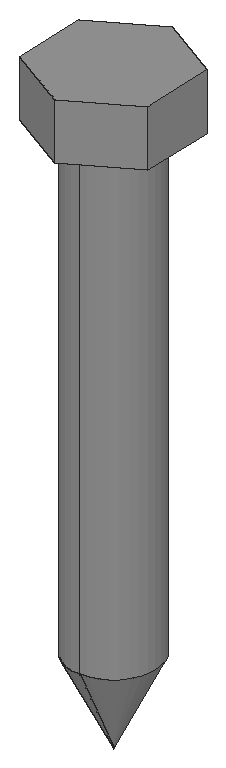
Revit family "060523 - W_P_C - Fastenings - Generic - Lag Bolt or Thru Bolt", category Structural Connections, Revit 2020
Family settings
  Material for Model Behavior = Other
  Work Plane-Based = Yes
  Enable cutting in views = Yes
  Always vertical = No
  Cut with Voids When Loaded = No
  Shared = No
Parameters (values of type "3/8 - at steel angle")
  Washer_Thickness = Head Height / 3  # 0' - 0.08333"
  Washer Radius = Radius + Head Height  # 0' - 0 7/16"
  Washer Offset - Head = if(Washer_Head_Visibility, Washer_Thickness, 0' 0")  # 0' - 0.08333"
  Washer Offset = if(Washer_Nut_Visibility, Washer_Thickness, 0' 0")  # 0' - 0.08333"
  Washer Material = none
  Washer_Nut_Visibility = no
  Washer_Head_Visibility = no
  Thickness_of_Substrate [instance] = 0' - 1"
  Side = Head Size * 0.57812  # 0' - 0.3252"
  Round_Head_Visibility = no
  Radius = Diameter / 2  # 0' - 0 3/16"
  Point Visibility = yes
  Nut_Visibility = no
  Length [instance] = 0' - 2"
  Hex_Head_Visiblilty = yes
  Head Size = 0' - 0 9/16"
  Head Radius = Head Size / 2  # 0' - 0 9/32"
  Head Height = 0' - 0 1/4"
  Double Diameter = Diameter * 2  # 0' - 0 3/4"
  Diameter = 0' - 0 3/8"
  Default Elevation = 4' - 0"
  Bolt Material (Size) = 3/8" x 3" LAGS AT 19.2" O.C.
Types (34): name | Washer_Thickness | Washer Radius | Washer Offset - Head | Washer Offset | Washer_Nut_Visibility | Washer_Head_Visibility | Side | Round_Head_Visibility | Radius | Point Visibility | Nut_Visibility | Length | Hex_Head_Visiblilty | Head Size | Head Radius | Head Height | Double Diameter | Diameter | Bolt Material (Size)
  2 1/2 | 0' - 0.56933" | 0' - 2.9875" | 0' - 0.56933" | 0' - 0.56933" | yes | yes | 0' - 2 43/256" | yes | 0' - 1.2795" | yes | yes | 0' - 2" | yes | 0' - 3 3/4" | 0' - 1 7/8" | 0' - 1.708" | 0' - 5.118" | 0' - 2.559" | RIVETS
  2 1/4 | 0' - 0.516" | 0' - 2.7005" | 0' - 0.516" | 0' - 0.516" | yes | yes | 0' - 1.95117" | yes | 0' - 1.1525" | yes | yes | 0' - 2" | yes | 0' - 3 3/8" | 0' - 1 11/16" | 0' - 1.548" | 0' - 4.61" | 0' - 2.305" | RIVETS
  2 | 0' - 0.46267" | 0' - 2.4075" | 0' - 0.46267" | 0' - 0.46267" | yes | yes | 0' - 1 47/64" | yes | 0' - 1.0195" | yes | yes | 0' - 2" | yes | 0' - 3" | 0' - 1 1/2" | 0' - 1.388" | 0' - 4.078" | 0' - 2.039" | RIVETS
  1 7/8 | 0' - 0.42533" | 0' - 2.232" | 0' - 0.42533" | 0' - 0.42533" | yes | yes | 0' - 1.62569" | yes | 0' - 0.956" | yes | yes | 0' - 2" | yes | 0' - 2.812" | 0' - 1.406" | 0' - 1.276" | 0' - 3.824" | 0' - 1.912" | RIVETS
  1 3/4 | 0' - 0.39867" | 0' - 2.0885" | 0' - 0.39867" | 0' - 0.39867" | yes | yes | 0' - 1.51758" | yes | 0' - 0.8925" | yes | yes | 0' - 2" | yes | 0' - 2 5/8" | 0' - 1 5/16" | 0' - 1.196" | 0' - 3.57" | 0' - 1.785" | RIVETS
  1 5/8 | 0' - 0.372" | 0' - 1.945" | 0' - 0.372" | 0' - 0.372" | yes | yes | 0' - 1.40947" | yes | 0' - 0.829" | yes | yes | 0' - 2" | yes | 0' - 2.438" | 0' - 1.219" | 0' - 1.116" | 0' - 3.316" | 0' - 1.658" | RIVETS
  1 1/2 | 0' - 0.34533" | 0' - 1.8015" | 0' - 0.34533" | 0' - 0.34533" | yes | yes | 0' - 1 77/256" | yes | 0' - 0.7655" | yes | yes | 0' - 2" | yes | 0' - 2 1/4" | 0' - 1 1/8" | 0' - 1.036" | 0' - 3.062" | 0' - 1.531" | RIVETS
  1 3/8 | 0' - 0.31333" | 0' - 1.642" | 0' - 0.31333" | 0' - 0.31333" | yes | yes | 0' - 1.19209" | yes | 0' - 0.702" | yes | yes | 0' - 2" | yes | 0' - 2.062" | 0' - 1.031" | 0' - 0.94" | 0' - 2.808" | 0' - 1.404" | RIVETS
  1 1/4 | 0' - 0.292" | 0' - 1.5145" | 0' - 0.292" | 0' - 0.292" | yes | yes | 0' - 1.08398" | yes | 0' - 0.6385" | yes | yes | 0' - 2" | yes | 0' - 1 7/8" | 0' - 0 15/16" | 0' - 0.876" | 0' - 2.554" | 0' - 1.277" | RIVETS
  1 1/8 | 0' - 0.26" | 0' - 1.3545" | 0' - 0.26" | 0' - 0.26" | yes | yes | 0' - 0.97588" | yes | 0' - 0.5745" | yes | yes | 0' - 2" | yes | 0' - 1.688" | 0' - 0.844" | 0' - 0.78" | 0' - 2.298" | 0' - 1.149" | RIVETS
  1 | 0' - 0.23333" | 0' - 1.211" | 0' - 0.23333" | 0' - 0.23333" | yes | yes | 0' - 0 111/128" | yes | 0' - 0.511" | yes | yes | 0' - 2" | yes | 0' - 1 1/2" | 0' - 0 3/4" | 0' - 0.7" | 0' - 2.044" | 0' - 1.022" | RIVETS
  7/8 | 0' - 0.20133" | 0' - 1.0515" | 0' - 0.20133" | 0' - 0.20133" | yes | yes | 0' - 0.7585" | yes | 0' - 0.4475" | yes | yes | 0' - 2" | yes | 0' - 1.312" | 0' - 0.656" | 0' - 0.604" | 0' - 1.79" | 0' - 0.895" | RIVETS
  3/4 | 0' - 0.17467" | 0' - 0.908" | 0' - 0.17467" | 0' - 0.17467" | yes | yes | 0' - 0.65039" | yes | 0' - 0.384" | yes | yes | 0' - 2" | yes | 0' - 1 1/8" | 0' - 0 9/16" | 0' - 0.524" | 0' - 1.536" | 0' - 0.768" | RIVETS
  5/8 | 0' - 0.148" | 0' - 0.765" | 0' - 0.148" | 0' - 0.148" | yes | yes | 0' - 0.54228" | yes | 0' - 0.321" | yes | yes | 0' - 2" | yes | 0' - 0.938" | 0' - 0.469" | 0' - 0.444" | 0' - 1.284" | 0' - 0.642" | RIVETS
  1/2 | 0' - 0.12133" | 0' - 0.6215" | 0' - 0.12133" | 0' - 0.12133" | yes | yes | 0' - 0 111/256" | yes | 0' - 0.2575" | yes | yes | 0' - 2" | yes | 0' - 0 3/4" | 0' - 0 3/8" | 0' - 0.364" | 0' - 1.03" | 0' - 0.515" | RIVETS
  poly bolts | 0' - 0.22396" | 0' - 0 55/64" | 0' - 0.22396" | 0' - 0.22396" | yes | yes | 0' - 0 111/128" | yes | 0' - 0 3/16" | yes | yes | 0' - 6" | yes | 0' - 1 1/2" | 0' - 0 3/4" | 0' - 0 43/64" | 0' - 0 3/4" | 0' - 0 3/8" | 5/8" GALV. ANCHOR BOLT @ 24" O.C. (11" MIN. EMBEDMENT)
  1" | 0' - 0.22396" | 0' - 1 3/64" | 0' - 0.22396" | 0' - 0.22396" | yes | yes | 0' - 0 111/128" | yes | 0' - 0 3/8" | yes | yes | 0' - 6" | yes | 0' - 1 1/2" | 0' - 0 3/4" | 0' - 0 43/64" | 0' - 1 1/2" | 0' - 0 3/4" | 5/8" GALV. ANCHOR BOLT @ 24" O.C. (11" MIN. EMBEDMENT)
  1" Light Pole Anchor Bolt | 0' - 0.22396" | 0' - 1 11/64" | 0' - 0.22396" | 0' - 0.22396" | yes | yes | 0' - 0 111/128" | yes | 0' - 0 1/2" | no | yes | 4' - 0" | yes | 0' - 1 1/2" | 0' - 0 3/4" | 0' - 0 43/64" | 0' - 2" | 0' - 1" | 5/8" GALV. ANCHOR BOLT @ 24" O.C. (6" MIN. EMBEDMENT)
  1/4 | 0' - 0.05729" | 0' - 0 19/64" | 0' - 0.05729" | 0' - 0.05729" | yes | yes | 0' - 0.25293" | yes | 0' - 0 1/8" | yes | yes | 0' - 2" | yes | 0' - 0 7/16" | 0' - 0 7/32" | 0' - 0 11/64" | 0' - 0 1/2" | 0' - 0 1/4" | RIVETS
  5/16 | 0' - 0.07292" | 0' - 0 3/8" | 0' - 0.07292" | 0' - 0.07292" | yes | yes | 0' - 0 37/128" | yes | 0' - 0 5/32" | yes | yes | 0' - 2" | yes | 0' - 0 1/2" | 0' - 0 1/4" | 0' - 0 7/32" | 0' - 0 5/8" | 0' - 0 5/16" | RIVETS
  3/8 | 0' - 0.08333" | 0' - 0 7/16" | 0' - 0.08333" | 0' - 0.08333" | yes | yes | 0' - 0.3252" | yes | 0' - 0 3/16" | yes | yes | 0' - 2" | yes | 0' - 0 9/16" | 0' - 0 9/32" | 0' - 0 1/4" | 0' - 0 3/4" | 0' - 0 3/8" | RIVETS
  7/16_not common | 0' - 0.09896" | 0' - 0 33/64" | 0' - 0.09896" | 0' - 0.09896" | yes | yes | 0' - 0.36133" | yes | 0' - 0 7/32" | yes | yes | 0' - 2" | yes | 0' - 0 5/8" | 0' - 0 5/16" | 0' - 0 19/64" | 0' - 0 7/8" | 0' - 0 7/16" | RIVETS
  Polycarbaonte | 0' - 0.05729" | 0' - 0 19/64" | 0' - 0.05729" | 0' - 0.05729" | yes | yes | 0' - 0.25293" | yes | 0' - 0 1/8" | yes | yes | 0' - 2" | no | 0' - 0 7/16" | 0' - 0 7/32" | 0' - 0 11/64" | 0' - 0 1/2" | 0' - 0 1/4" | RIVETS
  RIVET AT POLY | 0' - 0.05729" | 0' - 0 15/64" | 0' - 0.05729" | 0' - 0.08333" | no | yes | 0' - 0.25293" | yes | 0' - 0 1/16" | yes | no | 0' - 2" | no | 0' - 0 7/16" | 0' - 0 7/32" | 0' - 0 11/64" | 0' - 0 1/4" | 0' - 0 1/8" | RIVETS
  3/8 - at steel angle | 0' - 0.08333" | 0' - 0 7/16" | 0' - 0.08333" | 0' - 0.08333" | no | no | 0' - 0.3252" | no | 0' - 0 3/16" | yes | no | 0' - 2" | yes | 0' - 0 9/16" | 0' - 0 9/32" | 0' - 0 1/4" | 0' - 0 3/4" | 0' - 0 3/8" | 3/8" x 3" LAGS AT 19.2" O.C.
  Metal Sill - Generic | 0' - 0.05729" | 0' - 0 15/64" | 0' - 0" | 0' - 0" | no | no | 0' - 0.25293" | yes | 0' - 0 1/16" | yes | no | 0' - 2" | no | 0' - 0 7/16" | 0' - 0 7/32" | 0' - 0 11/64" | 0' - 0 1/4" | 0' - 0 1/8" | FASTENER AT 24" O.C.
  Genric Fastener | 0' - 0.05729" | 0' - 0 15/64" | 0' - 0" | 0' - 0" | no | no | 0' - 0.25293" | yes | 0' - 0 1/16" | yes | no | 0' - 2" | no | 0' - 0 7/16" | 0' - 0 7/32" | 0' - 0 11/64" | 0' - 0 1/4" | 0' - 0 1/8" | FASTENER AT 24" O.C.
  Wood Sill - Generic | 0' - 0.05729" | 0' - 0 17/64" | 0' - 0" | 0' - 0" | no | no | 0' - 0.25293" | yes | 0' - 0 3/32" | yes | no | 0' - 2" | no | 0' - 0 7/16" | 0' - 0 7/32" | 0' - 0 11/64" | 0' - 0 3/8" | 0' - 0 3/16" | FASTENER AT 24" O.C.
  Generic Wood Sill Anchor | 0' - 0 9/64" | 0' - 0 35/64" | 0' - 0" | 0' - 0" | no | no | 0' - 0 111/256" | no | 0' - 0 1/8" | yes | yes | 0' - 3" | yes | 0' - 0 3/4" | 0' - 0 3/8" | 0' - 0 27/64" | 0' - 0 1/2" | 0' - 0 1/4" | 1/2" DIA. A325 BOLT AT EACH PURLIN
  GENERIC FASTENER AT DETAILS | 0' - 0.05729" | 0' - 0 15/64" | 0' - 0" | 0' - 0" | no | no | 0' - 0.25293" | yes | 0' - 0 1/16" | yes | no | 0' - 2" | no | 0' - 0 7/16" | 0' - 0 7/32" | 0' - 0 11/64" | 0' - 0 1/4" | 0' - 0 1/8" | RIVETS
  GROUND LUG | 0' - 0.22396" | 0' - 0 59/64" | 0' - 0" | 0' - 0" | no | no | 0' - 0 37/64" | no | 0' - 0 1/4" | no | no | 0' - 2" | yes | 0' - 1" | 0' - 0 1/2" | 0' - 0 43/64" | 0' - 1" | 0' - 0 1/2" | GROUND WIRE BOLTED TO POLE'S GROUND LUG
  3/4" x 4" | 0' - 0.16667" | 0' - 0 7/8" | 0' - 0" | 0' - 0" | no | no | 0' - 0.65039" | no | 0' - 0 3/8" | no | yes | 0' - 3" | yes | 0' - 1 1/8" | 0' - 0 9/16" | 0' - 0 1/2" | 0' - 1 1/2" | 0' - 0 3/4" | EXPOSED LAG BOLTS - SEE STRUCT.
  1/2" x 3" | 0' - 0 9/64" | 0' - 0 43/64" | 0' - 0" | 0' - 0" | no | no | 0' - 0 111/256" | no | 0' - 0 1/4" | no | yes | 0' - 3" | yes | 0' - 0 3/4" | 0' - 0 3/8" | 0' - 0 27/64" | 0' - 1" | 0' - 0 1/2" | 1/2" DIA. A325 BOLT AT EACH PURLIN
  Drywall Screw - Generic - Wood | 0' - 0.05729" | 0' - 0 15/64" | 0' - 0" | 0' - 0" | no | no | 0' - 0.25293" | yes | 0' - 0 1/16" | yes | no | 0' - 2" | no | 0' - 0 7/16" | 0' - 0 7/32" | 0' - 0 11/64" | 0' - 0 1/4" | 0' - 0 1/8" | none
Reference planes (in)
  plane 1 "Center (Front/Back)": y = 0
  plane 2: z = 0
  plane 3 "Center (Left/Right)": x = 0
  plane 4: z = 0.33333
  plane 5 "end": z = -2
  plane 6: y = 0
  plane 7: x = 0
  plane 8: z = -1
  plane 9: z = 0.08333
  plane 10: z = -1.08333
  plane 11: z = 0
  plane 12: through (0, 0, 48) normal (0.866, 0.5, 0)
  plane 13: through (0, 0, 48) normal (0.866, -0.5, 0)
  plane 14: through (0, 0, 48) normal (0.5, -0.866, 0)
  plane 15: through (0, 0, 48) normal (-0.5, -0.866, 0)
  plane 16 "top of rounded head": z = 0.27083
Forms (in)
  Extrusion 1, solid, material "3/8" x 3" LAGS AT 19.2" O.C." <- "Bolt Material (Size)"
    sketch origin (0, 8.71147, 0.08333) x (0, 1, 0) y (-1, 0, 0)
      loop
        circle (-8.71147, 0) r 0.1875
    from -2.08333 to 0
Lines and regions (in)
  model lines, style "InvisibleLines"
    curve 1: line (0, -0.64952, 0.33333) -> (0, 0.64952, 0.33333)
    curve 2: line (0.28125, 0, 0.33333) -> (-0.28125, 0, 0.33333)
  symbolic lines, style "InvisibleLines"
    curve 3: line (0, 0, 0.33333) -> (0, 0, -2)
    curve 4: line (0, 0, 0.33333) -> (0, 0, -2)
Dimensions and locks (in)
  "Head Height": plane 4 to plane 9
  "Length": plane 11 to plane 5 "end"
  "Thickness_of_Substrate": plane 2 to plane 8
  "Washer Offset": plane 8 to plane 10
  "Washer Offset - Head": plane 9 to plane 2
  "Radius": plane 16 "top of rounded head" to plane 9
  "Radius": radius of Extrusion 1 sketch curve
  aligned and locked: plane 2 to level
  aligned and locked: Extrusion 1 to plane 5 "end"
  aligned and locked: plane 7 to curve 1
  aligned and locked: plane 6 to curve 2
  aligned and locked: plane 6 to curve 4
  aligned and locked: plane 11 to level
  aligned and locked: nested 5 to nested 3
Automatic sketch dimensions
  curve 3 to plane 3 "Center (Left/Right)" = 0' - 0"
  curve 3 to plane 5 "end" = 0' - 0"
  curve 3 to plane 4 = 0' - 0"
  curve 4 to plane 5 "end" = 0' - 0"
  curve 4 to plane 4 = 0' - 0"
  curve 1 to curve 2 = 0' - 0.64952"
  curve 2 to curve 1 = 0' - 0.64952"
  curve 2 to nested 1 = 0' - 0"  (x2)
  plane 1 "Center (Front/Back)" to Extrusion 1 sketch curve = 0' - 0"
  Extrusion 1 sketch curve to plane 3 "Center (Left/Right)" = 0' - 0"
Nested families (in)
  nested 1: "Nut" at (0, 0, 0.08333), Diameter <- "Diameter", Head Height <- "Head Height", Head Size <- "Head Size", visible <- "Hex_Head_Visiblilty", type "one"
    with Side 0' - 0.3252", Radius 0' - 0 3/16", Head Size 0' - 0 9/16", Head Radius 0' - 0 9/32", Head Height 0' - 0 1/4", Diameter 0' - 0 3/8"
  nested 2: "Nut" at (0, 0, -1.08333) x (1, 0, 0) z (0, 0, -1), Diameter <- "Diameter", Head Height <- "Head Height", Head Size <- "Head Size", visible <- "Nut_Visibility", type "one"
    with Side 0' - 0.3252", Radius 0' - 0 3/16", Head Size 0' - 0 9/16", Head Radius 0' - 0 9/32", Head Height 0' - 0 1/4", Diameter 0' - 0 3/8"
  nested 3: "Washer" at (0, 0, -1) x (0, -1, 0) z (0, 0, -1), visible <- "Washer_Nut_Visibility", type "one"
    with Washer_Thickness 0' - 0.08333", Washer Radius 0' - 0 7/16"
  nested 4: "Washer" at (0, 0, 0) x (0, -1, 0) z (0, 0, 1), visible <- "Washer_Head_Visibility", type "one"
    with Washer_Thickness 0' - 0.08333", Washer Radius 0' - 0 7/16"
  nested 5: "Bolt Head" at (0, 0, 0.08333) x (0, -1, 0) z (0, 0, 1), Diameter <- "Diameter", Head Size <- "Double Diameter", visible <- "Round_Head_Visibility", type "one"
    with Side 0' - 0 111/256", Radius 0' - 0 3/16", Head Size 0' - 0 3/4", Head Radius 0' - 0 3/8", Head Height 0' - 0 3/4", Half Radius 0' - 0 3/16", Diameter 0' - 0 3/8"
  nested 6: "Point" at (0, 0, -2) x (0, 1, 0) z (0, 0, -1), Diameter <- "Diameter", Head Size <- "Diameter", visible <- "Point Visibility", type "one"
    with Side 0' - 0.2168", Radius 0' - 0 3/16", Point Height 0' - 0 3/8", Head Size 0' - 0 3/8", Head Radius 0' - 0 3/16", Head Height 0' - 0 3/4", Diameter 0' - 0 3/8"
Definition of nested family "Nut"
  Parameters (values of type "one")
    Side [instance] = Head Size * 0.57812  # 0' - 0 111/256"
    Radius [instance] = Diameter / 2  # 0' - 0 1/4"
    Head Size [instance] = 0' - 0 3/4"
    Head Radius [instance] = Head Size / 2  # 0' - 0 3/8"
    Head Height [instance] = 0' - 0 11/32"
    Diameter [instance] = 0' - 0 1/2"
    Default Elevation = 4' - 0"
    Bolt Material (Size) = none
  Reference planes (in)
    plane 1 "Center (Front/Back)": y = 0
    plane 2: z = 0
    plane 3 "Center (Left/Right)": x = 0
    plane 4: z = 0.34375
    plane 5: y = 0
    plane 6: x = 0
  Forms (in)
    Extrusion 1, solid, material <- "Bolt Material (Size)"
      sketch origin (0, 0, 0) x (1, 0, 0) y (0, 1, 0)
        loop
          line (0, 0.43301) -> (-0.375, 0.21651) -> (-0.375, -0.21651) -> (0, -0.43301) -> (0.375, -0.21651) -> (0.375, 0.21651) -> (0, 0.43301)
      from 0 to 0.34375
  Lines and regions (in)
    symbolic lines
      curve 1: line (0, 0, 0.34375) -> (0, 0, -3)
  Dimensions and locks (in)
    "Head Height": plane 4 to level
    "Head Radius": Extrusion 1 sketch curve to plane 3 "Center (Left/Right)"
    "Head Radius": Extrusion 1 sketch curve to plane 6
    "Head Radius": Extrusion 1 sketch curve to plane 5  (x2)
    locked: Extrusion 1 sketch curve to Extrusion 1 sketch curve (angle 120.00°)  (x5)
    aligned and locked: level to plane 2
    aligned and locked: Extrusion 1 to plane 4
    aligned and locked: plane 5 to curve 1
  Automatic sketch dimensions
    curve 1 to plane 4 = 0' - 0"
    curve 1 to level = 0' - 3"
    Extrusion 1 sketch curve to plane 3 "Center (Left/Right)" = 0' - 0"  (x2)
Definition of nested family "Washer"
  Parameters (values of type "one")
    Washer_Thickness = 0' - 0 1/8"
    Washer Radius = 0' - 0 19/64"
    Default Elevation = 4' - 0"
    Washer Material = none
  Reference planes (in)
    plane 1 "Center (Front/Back)": y = 0
    plane 2: z = 0
    plane 3 "Center (Left/Right)": x = 0
    plane 4: z = 0.125
    plane 5: y = 0
    plane 6: x = 0
  Forms (in)
    Extrusion 1, solid, material <- "Washer Material"
      sketch origin (0, 0, 0) x (1, 0, 0) y (0, 1, 0)
        loop
          circle (0, 0) r 0.29688
      from 0 to 0.125
  Lines and regions (in)
    symbolic lines
      curve 1: line (0, 0, 0.125) -> (0, 0, -3)
  Dimensions and locks (in)
    "Washer_Thickness": plane 2 to plane 4
    "Washer Radius": radius of Extrusion 1 sketch curve
    aligned and locked: level to plane 2
    aligned and locked: Extrusion 1 to plane 4
    aligned and locked: plane 5 to curve 1
  Automatic sketch dimensions
    curve 1 to plane 4 = 0' - 0"
    curve 1 to level = 0' - 3"
    plane 1 "Center (Front/Back)" to Extrusion 1 sketch curve = 0' - 0"
    Extrusion 1 sketch curve to plane 3 "Center (Left/Right)" = 0' - 0"
Definition of nested family "Bolt Head"
  Parameters (values of type "one")
    Side [instance] = Head Size * 0.57812  # 0' - 0.9128"
    Radius [instance] = Diameter / 2  # 0' - 0 1/4"
    Head Size [instance] = 0' - 1.5789"
    Head Radius [instance] = Head Size / 2  # 0' - 0.78945"
    Head Height [instance] = 0' - 0 3/4"
    Half Radius [instance] = Head Radius / 2  # 0' - 0.39472"
    Diameter [instance] = 0' - 0 1/2"
    Default Elevation = 4' - 0"
    Bolt Material (Size) = none
  Reference planes (in)
    plane 1 "Center (Front/Back)": y = 0
    plane 2: z = 0
    plane 3 "Center (Left/Right)": x = 0
    plane 4: y = 0
    plane 5: x = 0
    plane 6: x = 0.78945
    plane 7: z = 0.39472
  Forms (in)
    Revolve 1, solid, material <- "Bolt Material (Size)"
      sketch origin (0, 0, 0) x (1, 0, 0) y (0, 0, 1)
        loop
          line (0, 0.39472) -> (0, 0) -> (0.78945, 0)
          arc (0.78945, 0) -> (0.4761, 0.28968) -> (0.0625, 0.39472) r 0.86676
          line (0.0625, 0.39472) -> (0, 0.39472)
        axis (0, 0) -> (0, 0.39472)
      angle from 0 to 360
  Lines and regions (in)
    symbolic lines
      curve 1: line (0, 0, 0.75) -> (0, 0, -3)
  Dimensions and locks (in)
    "Head Radius": plane 6 to plane 5
    locked: Revolve 1 sketch curve to plane 5 at 0.0625
    "Half Radius": plane 2 to plane 7
    aligned and locked: level to plane 2
    aligned and locked: plane 4 to curve 1
    aligned and locked: plane 7 to Revolve 1 sketch curve
  Automatic sketch dimensions
    curve 1 to level = 0' - 3"
    plane 7 to curve 1 = 0' - 0.35528"
    Revolve 1 sketch curve to plane 3 "Center (Left/Right)" = 0' - 0"  (x2)
    Revolve 1 sketch curve to level = 0' - 0"
    plane 6 to Revolve 1 sketch curve = 0' - 0"
    level to Revolve 1 sketch curve = 0' - 0.05843"
    plane 7 to Revolve 1 sketch curve = 0' - 0.51153"
Definition of nested family "Point"
  Parameters (values of type "one")
    Side [instance] = Head Size * 0.57812  # 0' - 0.9128"
    Radius [instance] = Diameter / 2  # 0' - 0 1/4"
    Head Size [instance] = 0' - 1.5789"
    Head Radius [instance] = Head Size / 2  # 0' - 0.78945"
    Head Height [instance] = 0' - 0 3/4"
    Point Height [instance] = Head Radius * 2  # 0' - 1.5789"
    Diameter [instance] = 0' - 0 1/2"
    Default Elevation = 4' - 0"
    Point Material (Size) = none
  Reference planes (in)
    plane 1 "Center (Front/Back)": y = 0
    plane 2: z = 0
    plane 3 "Center (Left/Right)": x = 0
    plane 4: y = 0
    plane 5: x = 0
    plane 6: x = 0.78945
    plane 7: z = 1.5789
  Forms (in)
    Revolve 1, solid, material <- "Point Material (Size)"
      sketch origin (0, 0, 0) x (1, 0, 0) y (0, 0, 1)
        loop
          line (0, 1.5789) -> (0, 0) -> (0.78945, 0) -> (0, 1.5789)
        axis (0, 0) -> (0, 1.5789)
      angle from 0 to 360
  Lines and regions (in)
    symbolic lines
      curve 1: line (0, 0, 1.93417) -> (0, 0, -3)
  Dimensions and locks (in)
    "Head Radius": plane 6 to plane 5
    "Point Height": plane 2 to plane 7
    aligned and locked: level to plane 2
    aligned and locked: plane 4 to curve 1
  Automatic sketch dimensions
    curve 1 to level = 0' - 3"
    plane 7 to curve 1 = 0' - 0.35528"
    Revolve 1 sketch curve to plane 3 "Center (Left/Right)" = 0' - 0"  (x2)
    Revolve 1 sketch curve to level = 0' - 0"
    plane 6 to Revolve 1 sketch curve = 0' - 0"
    level to Revolve 1 sketch curve = 0' - 0.05843"
    plane 7 to Revolve 1 sketch curve = 0' - 0.51153"
    Revolve 1 sketch curve to plane 7 = 0' - 0"
